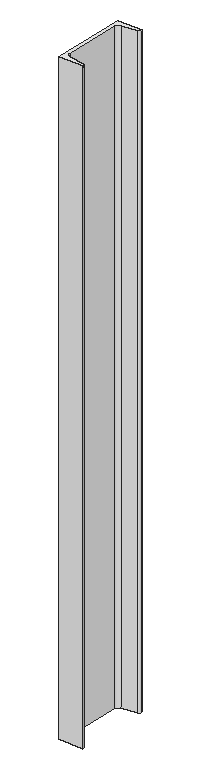
Revit family "M_MC Formas-Coluna", category Pilares estruturais, Revit 2019
Family settings
  Forma do corte = Canal em C com flange inclinado
  Material para o comportamento do modelo = Aço
  Exportar sempre como geometria = Não
  Redução da viga na planta = Da caixa de vinculação
  Family Name Key = M_MC Shapes-Column
  Nome do código = AISC 14.1
  Número OmniClass = 23.25.30.11.14.11
  Título OmniClass = Columns
  ID de item do Seek = MC-Shapes-Column-0000-CAN-ENU
  Corte com vazios quando carregada = Não
  Representação simbólica = Das configurações de projeto
  Compartilhado = Não
  Exibir o pré-corte da família na vista da planta = Sim
Parameters (values of type "MC310X60")
  Largura = 98.8 mm
  Espessura da teia = 15 mm
  Concordância da teia = 17.8000 mm
  Constante da empena = 90200000000.0 mm6
  Momento de inércia de torção = 703000.00 mm4
  Structural Material [instance] = Aço, 45-345
  Ângulo inclinado da flange = 9.46234°
  Chave do nome do corte = ""
  Área de corte = 7610.0 mm²
  Eixo fraco do módulo plástico = 153000.0 mm³
  Eixo forte do módulo plástico = 782000.0 mm³
  Peso nominal = 60.00 kgf/m
  Eixo fraco do momento de inércia = 5910000.00 mm4
  Eixo forte do momento de inércia = 97400000.00 mm4
  Altura = 305 mm
  Localização da espessura do flange = 41.9000 mm
  Espessura do flange = 17.8 mm
  Concordância do flange = 8.9000 mm
  Eixo fraco do módulo de elasticidade = 81600.0 mm³
  Eixo forte do módulo de elasticidade = 639000.0 mm³
  Centróide vertical = Altura / 2  # 152.5000 mm
  Centróide horizontal = 26.4 mm
  Espaçamento do parafuso = 63.500 mm
  Assembly Code = ""
Reference planes
  plane 1: y = 0
  plane 2: z = 0
  plane 3: x = 0
  plane 4: y = 152.5
  plane 5: y = -152.5
  plane 6: y = 134.7
  plane 7: y = -134.7
  plane 8: x = -26.4
  plane 9: x = 72.4
  plane 10: x = -11.4
Forms (mm)
  Sweep 1, solid, material "Aço, 45-345" <- "Structural Material", detail levels fine
    path origin (0, 0, 0) x (1, 0, 0) y (0, 0, 1)
      loop
        line (0, 0) -> (0, 2500)
    profile "Perfil em formato C fino : Perfil em formato C fino" origin (0, 0, 1250) x (-1, 0, 0) y (0, -1, 0)
      loop
        line (-72.4, -152.5) -> (26.4, -152.5) -> (26.4, 152.5) -> (-72.4, 152.5) -> (-72.4, 149.223)
        arc (-72.4, 149.223) -> (-70.291, 143.47) -> (-64.963, 140.444) r 8.9
        line (-64.963, 140.444) -> (-30.5, 134.7) -> (-3.474, 130.196)
        arc (-3.474, 130.196) -> (7.182, 124.143) -> (11.4, 112.638) r 17.8
        line (11.4, 112.638) -> (11.4, -112.638)
        arc (11.4, -112.638) -> (7.182, -124.143) -> (-3.474, -130.196) r 17.8
        line (-3.474, -130.196) -> (-30.5, -134.7) -> (-64.963, -140.444)
        arc (-64.963, -140.444) -> (-70.291, -143.47) -> (-72.4, -149.223) r 8.9
        line (-72.4, -149.223) -> (-72.4, -152.5)
  Sweep 2, solid, material "Aço, 45-345" <- "Structural Material", detail levels medium
    path origin (0, 0, 0) x (1, 0, 0) y (0, 0, 1)
      loop
        line (0, 0) -> (0, 2500)
    profile "Perfil em formato C médio : Perfil em formato C médio" origin (0, 0, 1250) x (-1, 0, 0) y (0, -1, 0)
      loop
        line (-72.4, 152.5) -> (-72.4, 141.683) -> (-30.5, 134.7) -> (11.4, 127.717) -> (11.4, -127.717) -> (-30.5, -134.7) -> (-72.4, -141.683) -> (-72.4, -152.5) -> (26.4, -152.5) -> (26.4, 152.5) -> (-72.4, 152.5)
Lines and regions (mm)
  symbolic lines, style "StructuralColumnStickSymbols", detail levels coarse
    curve 1: line (72.4, 152.5, 0) -> (-26.4, 152.5, 0)
    curve 2: line (-26.4, 152.5, 0) -> (-26.4, -152.5, 0)
    curve 3: line (-26.4, -152.5, 0) -> (72.4, -152.5, 0)
  symbolic lines, style "HiddenStructuralColumnLines", detail levels medium+fine
    curve 4: line (-4.1, -140.325, 2500) -> (-4.1, -140.325, 0)
    curve 5: line (-4.1, -129.075, 0) -> (-4.1, -129.075, 2500)
    curve 6: line (-4.1, 129.075, 0) -> (-4.1, 129.075, 2500)
    curve 7: line (-4.1, 140.325, 0) -> (-4.1, 140.325, 2500)
    curve 8: line (-11.4, 0, 0) -> (-11.4, 0, 2500)
Dimensions and locks
  equal spacing: plane 5, plane 1, plane 4
  "Altura": plane 5 to plane 4
  "Espessura do flange": plane 6 to plane 4
  "Espessura do flange": plane 5 to plane 7
  "Espessura da teia": plane 8 to plane 10
  "Centróide horizontal": plane 8 to plane 3
  "Largura": plane 8 to plane 9
  aligned and locked: level to plane 2
  aligned and locked: plane 9 to curve 3
  aligned and locked: plane 9 to curve 1
  aligned and locked: level to curve 8  (x2)
  aligned and locked: level to Sweep 1 sketch curve  (x2)
  aligned and locked: plane 3 to Sweep 1 sketch curve
  aligned and locked: level to Sweep 2 sketch curve  (x2)
  aligned and locked: plane 3 to Sweep 2 sketch curve
  aligned and locked: curve 1 to plane 4
  aligned and locked: curve 2 to plane 8
  aligned and locked: plane 5 to curve 3
Automatic sketch dimensions
  curve 8 to plane 10 = 0 mm
  curve 4 to level = 0 mm  (x2)
  curve 5 to level = 0 mm  (x2)
  curve 6 to level = 0 mm  (x2)
  curve 7 to level = 0 mm  (x2)
  plane 7 to curve 4 = 5.625 mm
  curve 5 to plane 7 = 5.625 mm
  plane 6 to curve 6 = 5.625 mm
  curve 7 to plane 6 = 5.625 mm
Types in the file's own list only (39): name | Largura | Espessura da teia | Concordância da teia | Constante da empena | Momento de inércia de torção | Ângulo inclinado da flange | Chave do nome do corte | Área de corte | Eixo fraco do módulo plástico | Eixo forte do módulo plástico | Peso nominal | Eixo fraco do momento de inércia | Eixo forte do momento de inércia | Altura | Localização da espessura do flange | Espessura do flange | Concordância do flange | Eixo fraco do módulo de elasticidade | Eixo forte do módulo de elasticidade | Centróide vertical | Centróide horizontal | Espaçamento do parafuso
  MC460X86 | 107.0000 mm | 17.8000 mm | 15.9000 mm | 287000000000.0 mm6 | 1170000.00 mm4 | 9.46° | "MC18X58" | 11000.0 mm² | 175000.0 mm³ | 1560000.0 mm³ | 86.00 kgf/m | 7330000.00 mm4 | 281000000.00 mm4 | 457.0000 mm | 44.6000 mm | 15.9000 mm | 7.9500 mm | 86500.0 mm³ | 1230000.0 mm³ | 228.5000 mm | 21.9000 mm | 63.500 mm
  MC460X77.2 | 104.0000 mm | 15.2000 mm | 15.9000 mm | 265000000000.0 mm6 | 845000.00 mm4 | 9.46° | "MC18X51.9" | 9870.0 mm² | 162000.0 mm³ | 1430000.0 mm³ | 77.20 kgf/m | 6780000.00 mm4 | 261000000.00 mm4 | 457.0000 mm | 44.4000 mm | 15.9000 mm | 7.9500 mm | 82300.0 mm³ | 1140000.0 mm³ | 228.5000 mm | 21.8000 mm | 63.500 mm
  MC460X68.2 | 102.0000 mm | 12.7000 mm | 15.9000 mm | 241000000000.0 mm6 | 604000.00 mm4 | 9.46° | "MC18X45.8" | 8710.0 mm² | 150000.0 mm³ | 1300000.0 mm³ | 68.20 kgf/m | 6200000.00 mm4 | 241000000.00 mm4 | 457.0000 mm | 44.6500 mm | 15.9000 mm | 7.9500 mm | 78200.0 mm³ | 1050000.0 mm³ | 228.5000 mm | 22.0000 mm | 63.500 mm
  MC460X63.5 | 100.0000 mm | 11.4000 mm | 15.9000 mm | 229000000000.0 mm6 | 512000.00 mm4 | 9.46° | "MC18X42.7" | 8130.0 mm² | 145000.0 mm³ | 1230000.0 mm³ | 63.50 kgf/m | 5950000.00 mm4 | 231000000.00 mm4 | 457.0000 mm | 44.3000 mm | 15.9000 mm | 7.9500 mm | 76000.0 mm³ | 1010000.0 mm³ | 228.5000 mm | 22.3000 mm | 63.500 mm
  MC330X74 | 112.0000 mm | 20.0000 mm | 15.5000 mm | 150000000000.0 mm6 | 1230000.00 mm4 | 9.46° | "MC13X50" | 9480.0 mm² | 167000.0 mm³ | 996000.0 mm³ | 74.00 kgf/m | 6830000.00 mm4 | 131000000.00 mm4 | 330.0000 mm | 46.0000 mm | 15.5000 mm | 7.7500 mm | 78200.0 mm³ | 791000.0 mm³ | 165.0000 mm | 24.7000 mm | 63.500 mm
  MC330X60 | 106.0000 mm | 14.2000 mm | 15.5000 mm | 124000000000.0 mm6 | 645000.00 mm4 | 9.46° | "MC13X40" | 7550.0 mm² | 142000.0 mm³ | 839000.0 mm³ | 60.00 kgf/m | 5700000.00 mm4 | 114000000.00 mm4 | 330.0000 mm | 45.9000 mm | 15.5000 mm | 7.7500 mm | 69500.0 mm³ | 687000.0 mm³ | 165.0000 mm | 24.5000 mm | 63.500 mm
  MC330X52 | 103.0000 mm | 11.4000 mm | 15.5000 mm | 111000000000.0 mm6 | 470000.00 mm4 | 9.46° | "MC13X35" | 6650.0 mm² | 132000.0 mm³ | 762000.0 mm³ | 52.00 kgf/m | 5120000.00 mm4 | 105000000.00 mm4 | 330.0000 mm | 45.8000 mm | 15.5000 mm | 7.7500 mm | 65100.0 mm³ | 636000.0 mm³ | 165.0000 mm | 24.9000 mm | 63.500 mm
  MC330X47.3 | 102.0000 mm | 9.5300 mm | 15.5000 mm | 102000000000.0 mm6 | 390000.00 mm4 | 9.46° | "MC13X31.8" | 6030.0 mm² | 126000.0 mm³ | 711000.0 mm³ | 47.30 kgf/m | 4750000.00 mm4 | 99500000.00 mm4 | 330.0000 mm | 46.2350 mm | 15.5000 mm | 7.7500 mm | 62100.0 mm³ | 601000.0 mm³ | 165.0000 mm | 25.4000 mm | 63.500 mm
  MC310X74 | 105.0000 mm | 21.2000 mm | 17.8000 mm | 110000000000.0 mm6 | 1340000.00 mm4 | 9.46° | "MC12X50" | 9480.0 mm² | 179000.0 mm³ | 926000.0 mm³ | 74.00 kgf/m | 7240000.00 mm4 | 112000000.00 mm4 | 305.0000 mm | 41.9000 mm | 17.8000 mm | 8.9000 mm | 92400.0 mm³ | 736000.0 mm³ | 152.5000 mm | 26.7000 mm | 63.500 mm
  MC310X67 | 102.0000 mm | 18.0000 mm | 17.8000 mm | 100000000000.0 mm6 | 970000.00 mm4 | 9.46° | "MC12X45" | 8520.0 mm² | 166000.0 mm³ | 852000.0 mm³ | 67.00 kgf/m | 6580000.00 mm4 | 104000000.00 mm4 | 305.0000 mm | 42.0000 mm | 17.8000 mm | 8.9000 mm | 86900.0 mm³ | 687000.0 mm³ | 152.5000 mm | 26.4000 mm | 63.500 mm
  MC310X52 | 95.8000 mm | 11.8000 mm | 17.8000 mm | 79800000000.0 mm6 | 516000.00 mm4 | 9.46° | "MC12X35" | 6650.0 mm² | 141000.0 mm³ | 708000.0 mm³ | 52.00 kgf/m | 5240000.00 mm4 | 89900000.00 mm4 | 305.0000 mm | 42.0000 mm | 17.8000 mm | 8.9000 mm | 76000.0 mm³ | 590000.0 mm³ | 152.5000 mm | 26.7000 mm | 63.500 mm
  MC310X46 | 93.2000 mm | 9.4000 mm | 17.8000 mm | 71700000000.0 mm6 | 416000.00 mm4 | 9.46° | "MC12X31" | 5880.0 mm² | 134000.0 mm³ | 651000.0 mm³ | 46.00 kgf/m | 4700000.00 mm4 | 84100000.00 mm4 | 305.0000 mm | 41.9000 mm | 17.8000 mm | 8.9000 mm | 71600.0 mm³ | 552000.0 mm³ | 152.5000 mm | 27.4000 mm | 57.150 mm
  MC310X21.3 | 53.8480 mm | 6.3500 mm | 8.0000 mm | 8810000000.0 mm6 | 48700.00 mm4 | 9.46° | "MC12X14.3" | 2700.0 mm² | 19800.0 mm³ | 261000.0 mm³ | 21.30 kgf/m | 416000.00 mm4 | 31700000.00 mm4 | 305.0000 mm | 23.7490 mm | 7.9502 mm | 3.0000 mm | 9410.0 mm³ | 208000.0 mm³ | 152.5000 mm | 9.5800 mm | 31.750 mm
  MC310X15.8 | 38.1000 mm | 4.8300 mm | 7.9000 mm | 3140000000.0 mm6 | 24800.00 mm4 | 9.46° | "MC12X10.6" | 2000.0 mm² | 10400.0 mm³ | 190000.0 mm³ | 15.80 kgf/m | 157000.00 mm4 | 23000000.00 mm4 | 305.0000 mm | 16.6350 mm | 7.8500 mm | 3.9250 mm | 5030.0 mm³ | 151000.0 mm³ | 152.5000 mm | 6.8300 mm | 0.000 mm
  MC250X61.2 | 110.0000 mm | 20.2000 mm | 14.6000 mm | 72200000000.0 mm6 | 941000.00 mm4 | 9.46° | "MC10X41.1" | 7810.0 mm² | 156000.0 mm³ | 644000.0 mm³ | 61.20 kgf/m | 6530000.00 mm4 | 65300000.00 mm4 | 254.0000 mm | 44.9000 mm | 14.6000 mm | 7.3000 mm | 79500.0 mm³ | 516000.0 mm³ | 127.0000 mm | 27.7000 mm | 63.500 mm
  MC250X50 | 104.0000 mm | 14.6000 mm | 14.6000 mm | 60200000000.0 mm6 | 499000.00 mm4 | 9.46° | "MC10X33.6" | 6370.0 mm² | 136000.0 mm³ | 552000.0 mm³ | 50.00 kgf/m | 5450000.00 mm4 | 57900000.00 mm4 | 254.0000 mm | 44.7000 mm | 14.6000 mm | 7.3000 mm | 71300.0 mm³ | 456000.0 mm³ | 127.0000 mm | 27.7000 mm | 63.500 mm
  MC250X42.4 | 100.0000 mm | 10.8000 mm | 14.6000 mm | 51800000000.0 mm6 | 329000.00 mm4 | 9.46° | "MC10X28.5" | 5400.0 mm² | 124000.0 mm³ | 492000.0 mm³ | 42.40 kgf/m | 4700000.00 mm4 | 52400000.00 mm4 | 254.0000 mm | 44.6000 mm | 14.6000 mm | 7.3000 mm | 65400.0 mm³ | 415000.0 mm³ | 127.0000 mm | 28.4000 mm | 63.500 mm
  MC250X37 | 86.6000 mm | 9.6500 mm | 14.6000 mm | 33300000000.0 mm6 | 266000.00 mm4 | 9.46° | "MC10X25" | 4740.0 mm² | 92600.0 mm³ | 429000.0 mm³ | 37.00 kgf/m | 3020000.00 mm4 | 45800000.00 mm4 | 254.0000 mm | 38.4750 mm | 14.6000 mm | 7.3000 mm | 48500.0 mm³ | 361000.0 mm³ | 127.0000 mm | 24.2000 mm | 50.800 mm
  MC250X33 | 84.3000 mm | 7.3700 mm | 14.6000 mm | 29500000000.0 mm6 | 212000.00 mm4 | 9.46° | "MC10X22" | 4160.0 mm² | 86700.0 mm³ | 392000.0 mm³ | 33.00 kgf/m | 2660000.00 mm4 | 42500000.00 mm4 | 254.0000 mm | 38.4650 mm | 14.6000 mm | 7.3000 mm | 45100.0 mm³ | 336000.0 mm³ | 127.0000 mm | 25.1000 mm | 50.800 mm
  MC250X12.5 | 38.1000 mm | 4.3200 mm | 7.1000 mm | 1880000000.0 mm6 | 17200.00 mm4 | 9.46° | "MC10X8.4" | 1590.0 mm² | 8980.0 mm³ | 130000.0 mm³ | 12.50 kgf/m | 136000.00 mm4 | 13300000.00 mm4 | 254.0000 mm | 16.8900 mm | 7.1100 mm | 3.5550 mm | 4390.0 mm³ | 105000.0 mm³ | 127.0000 mm | 7.2100 mm | 0.000 mm
  MC250X9.7 | 29.7000 mm | 3.8600 mm | 5.1000 mm | 741000000.0 mm6 | 7950.00 mm4 | 9.46° | "MC10X6.5" | 1260.0 mm² | 4650.0 mm³ | 96700.0 mm³ | 9.70 kgf/m | 55400.00 mm4 | 9530000.00 mm4 | 254.0000 mm | 12.9200 mm | 5.1300 mm | 2.5650 mm | 2250.0 mm³ | 75200.0 mm³ | 127.0000 mm | 4.9300 mm | 0.000 mm
  MC230X37.8 | 88.9000 mm | 11.4000 mm | 14.0000 mm | 27900000000.0 mm6 | 288000.00 mm4 | 9.46° | "MC9X25.4" | 4820.0 mm² | 93400.0 mm³ | 385000.0 mm³ | 37.80 kgf/m | 3150000.00 mm4 | 36600000.00 mm4 | 229.0000 mm | 38.7500 mm | 14.0000 mm | 7.0000 mm | 49000.0 mm³ | 320000.0 mm³ | 114.5000 mm | 24.6000 mm | 50.800 mm
  MC230X35.6 | 87.6000 mm | 10.2000 mm | 14.0000 mm | 26300000000.0 mm6 | 249000.00 mm4 | 9.46° | "MC9X23.9" | 4530.0 mm² | 90300.0 mm³ | 369000.0 mm³ | 35.60 kgf/m | 2970000.00 mm4 | 35300000.00 mm4 | 229.0000 mm | 38.7000 mm | 14.0000 mm | 7.0000 mm | 47400.0 mm³ | 310000.0 mm³ | 114.5000 mm | 24.9000 mm | 50.800 mm
  MC200X33.9 | 88.9000 mm | 10.8000 mm | 13.3000 mm | 20200000000.0 mm6 | 238000.00 mm4 | 9.46° | "MC8X22.8" | 4320.0 mm² | 88000.0 mm³ | 313000.0 mm³ | 33.90 kgf/m | 2920000.00 mm4 | 26600000.00 mm4 | 203.0000 mm | 39.0500 mm | 13.3000 mm | 6.6500 mm | 46000.0 mm³ | 261000.0 mm³ | 101.5000 mm | 25.7000 mm | 50.800 mm
  MC200X31.8 | 87.6000 mm | 9.5300 mm | 13.3000 mm | 19000000000.0 mm6 | 206000.00 mm4 | 9.46° | "MC8X21.4" | 4050.0 mm² | 84900.0 mm³ | 298000.0 mm³ | 31.80 kgf/m | 2740000.00 mm4 | 25600000.00 mm4 | 203.0000 mm | 39.0350 mm | 13.3000 mm | 6.6500 mm | 44400.0 mm³ | 252000.0 mm³ | 101.5000 mm | 25.9000 mm | 50.800 mm
  MC200X29.8 | 77.0000 mm | 10.2000 mm | 12.7000 mm | 12800000000.0 mm6 | 184000.00 mm4 | 9.46° | "MC8X20" | 3790.0 mm² | 63300.0 mm³ | 269000.0 mm³ | 29.80 kgf/m | 1840000.00 mm4 | 22600000.00 mm4 | 203.0000 mm | 33.4000 mm | 12.7000 mm | 6.3500 mm | 33100.0 mm³ | 223000.0 mm³ | 101.5000 mm | 21.3000 mm | 50.800 mm
  MC200X27.8 | 75.7000 mm | 8.9700 mm | 12.7000 mm | 12100000000.0 mm6 | 158000.00 mm4 | 9.46° | "MC8X18.7" | 3550.0 mm² | 61000.0 mm³ | 256000.0 mm³ | 27.80 kgf/m | 1730000.00 mm4 | 21800000.00 mm4 | 203.0000 mm | 33.3650 mm | 12.7000 mm | 6.3500 mm | 32000.0 mm³ | 215000.0 mm³ | 101.5000 mm | 21.6000 mm | 50.800 mm
  MC200X12.6 | 47.5000 mm | 4.5500 mm | 7.9000 mm | 2200000000.0 mm6 | 24400.00 mm4 | 9.46° | "MC8X8.5" | 1610.0 mm² | 14300.0 mm³ | 114000.0 mm³ | 12.60 kgf/m | 260000.00 mm4 | 9700000.00 mm4 | 203.0000 mm | 21.4750 mm | 7.9000 mm | 3.9500 mm | 7060.0 mm³ | 95400.0 mm³ | 101.5000 mm | 10.9000 mm | 28.575 mm
  MC180X33.8 | 91.4000 mm | 12.8000 mm | 12.7000 mm | 15700000000.0 mm6 | 260000.00 mm4 | 9.46° | "MC7X22.7" | 4300.0 mm² | 88200.0 mm³ | 269000.0 mm³ | 33.80 kgf/m | 3010000.00 mm4 | 19700000.00 mm4 | 178.0000 mm | 39.3000 mm | 12.7000 mm | 3.0000 mm | 46400.0 mm³ | 221000.0 mm³ | 89.0000 mm | 26.4000 mm | 50.800 mm
  MC180X28.4 | 87.6000 mm | 8.9400 mm | 12.7000 mm | 13200000000.0 mm6 | 169000.00 mm4 | 9.46° | "MC7X19.1" | 3620.0 mm² | 79500.0 mm³ | 238000.0 mm³ | 28.40 kgf/m | 2520000.00 mm4 | 17900000.00 mm4 | 178.0000 mm | 39.3300 mm | 12.7000 mm | 3.0000 mm | 41800.0 mm³ | 202000.0 mm³ | 89.0000 mm | 27.4000 mm | 50.800 mm
  MC150X26.8 | 88.9000 mm | 9.6300 mm | 12.1000 mm | 9290000000.0 mm6 | 158000.00 mm4 | 9.46° | "MC6X18" | 3410.0 mm² | 76700.0 mm³ | 192000.0 mm³ | 26.80 kgf/m | 2450000.00 mm4 | 12400000.00 mm4 | 152.0000 mm | 39.6350 mm | 12.1000 mm | 2.0000 mm | 40500.0 mm³ | 162000.0 mm³ | 76.0000 mm | 28.4000 mm | 50.800 mm
  MC150X22.8 | 88.9000 mm | 8.6400 mm | 9.8000 mm | 8060000000.0 mm6 | 92800.00 mm4 | 9.46° | "MC6X15.3" | 2900.0 mm² | 63100.0 mm³ | 162000.0 mm³ | 22.80 kgf/m | 2040000.00 mm4 | 10500000.00 mm4 | 152.0000 mm | 40.1300 mm | 9.7800 mm | 2.0000 mm | 32900.0 mm³ | 138000.0 mm³ | 76.0000 mm | 26.7000 mm | 50.800 mm
  MC150X24.3 | 76.2000 mm | 9.5300 mm | 12.1000 mm | 5930000000.0 mm6 | 140000.00 mm4 | 9.46° | "MC6X16.3" | 3090.0 mm² | 56900.0 mm³ | 170000.0 mm³ | 24.30 kgf/m | 1570000.00 mm4 | 10800000.00 mm4 | 152.0000 mm | 33.3350 mm | 12.1000 mm | 6.0500 mm | 29800.0 mm³ | 142000.0 mm³ | 76.0000 mm | 23.5000 mm | 44.450 mm
  MC150X22.5 | 74.7000 mm | 8.0300 mm | 12.1000 mm | 5500000000.0 mm6 | 119000.00 mm4 | 9.46° | "MC6X15.1" | 2860.0 mm² | 54100.0 mm³ | 161000.0 mm³ | 22.50 kgf/m | 1440000.00 mm4 | 10400000.00 mm4 | 152.0000 mm | 33.3350 mm | 12.1000 mm | 6.0500 mm | 28300.0 mm³ | 136000.0 mm³ | 76.0000 mm | 23.9000 mm | 44.450 mm
  MC150X17.9 | 63.5000 mm | 7.8700 mm | 9.5000 mm | 3030000000.0 mm6 | 64500.00 mm4 | 9.46° | "MC6X12" | 2280.0 mm² | 32300.0 mm³ | 122000.0 mm³ | 17.90 kgf/m | 770000.00 mm4 | 7780000.00 mm4 | 152.0000 mm | 27.8150 mm | 9.5300 mm | 4.7650 mm | 16900.0 mm³ | 102000.0 mm³ | 76.0000 mm | 17.9000 mm | 38.100 mm
  MC150X10.4 | 47.8000 mm | 4.5500 mm | 7.4000 mm | 1070000000.0 mm6 | 19300.00 mm4 | 9.46° | "MC6X7" | 1350.0 mm² | 14200.0 mm³ | 73700.0 mm³ | 10.40 kgf/m | 251000.00 mm4 | 4750000.00 mm4 | 152.0000 mm | 21.6250 mm | 7.3900 mm | 3.0000 mm | 7190.0 mm³ | 62400.0 mm³ | 76.0000 mm | 12.7000 mm | 0.000 mm
  MC150X9.7 | 47.0000 mm | 3.9400 mm | 7.4000 mm | 1010000000.0 mm6 | 17100.00 mm4 | 9.46° | "MC6X6.5" | 1260.0 mm² | 13700.0 mm³ | 70100.0 mm³ | 9.70 kgf/m | 235000.00 mm4 | 4580000.00 mm4 | 152.0000 mm | 21.5300 mm | 7.3900 mm | 3.0000 mm | 6920.0 mm³ | 60000.0 mm³ | 76.0000 mm | 13.0000 mm | 0.000 mm
  MC100X20.5 | 63.5000 mm | 12.7000 mm | 12.7000 mm | 1300000000.0 mm6 | 155000.00 mm4 | 9.46° | "MC4X13.8" | 2600.0 mm² | 39300.0 mm³ | 90600.0 mm³ | 20.50 kgf/m | 887000.00 mm4 | 3680000.00 mm4 | 102.0000 mm | 25.4000 mm | 12.7000 mm | 6.3500 mm | 21100.0 mm³ | 72600.0 mm³ | 51.0000 mm | 21.6000 mm | 0.000 mm
  MC75X10.6 | 49.3000 mm | 7.9200 mm | 8.9000 mm | 246000000.0 mm6 | 38600.00 mm4 | 9.46° | "MC3X7.1" | 1360.0 mm² | 16400.0 mm³ | 36700.0 mm³ | 10.60 kgf/m | 277000.00 mm4 | 1130000.00 mm4 | 76.2000 mm | 20.6900 mm | 8.9200 mm | 4.4600 mm | 8490.0 mm³ | 29700.0 mm³ | 38.1000 mm | 16.6000 mm | 0.000 mm
